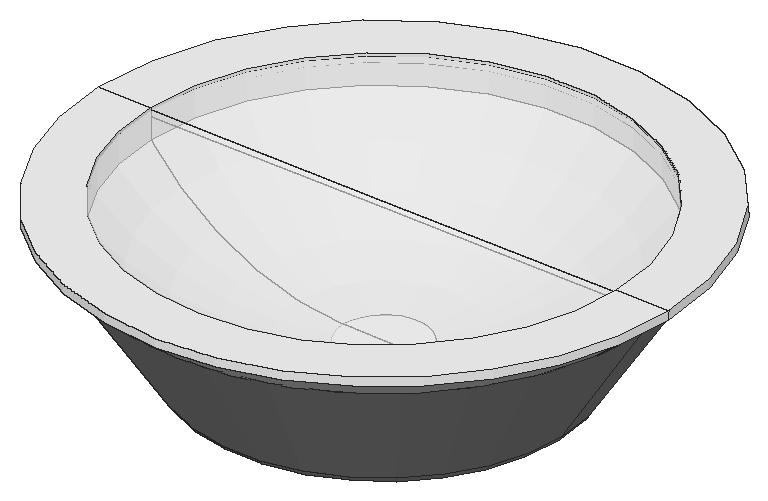
Revit family "0030391", category Lighting Fixtures, host Face, Revit 2016
Family settings
  Host = Face
  Part Type = Normal
  Round Connector Dimension = Use Diameter
  OmniClass Number = 23.80.70.00
  OmniClass Title = Lighting
  Cut with Voids When Loaded = No
  Light Source = Yes
  Shared = No
  Room Calculation Point = No
Parameters (values of type "0030391 Insaver Slim UGR19 IP44 DALI 200 2000lm 840 SSC")
  WidthBezel_SYL = if(Size1_SYL, 20 mm, if(Size2_SYL, 20 mm, if(Size3PIR_SYL, 30 mm, if(Size4_SYL, 20 mm, 20 mm))))  # 20 mm
  Weight = "8.64 kg"
  Wattage Comments = ""
  Wattage = 20 W
  WarrantyStartDate [instance] = "n/a"
  WarrantyGuarantorParts = "n/a"
  WarrantyDurationUnit = "n/a"
  WarrantyDurationParts = "n/a"
  WarrantyDescription = "n/a"
  built-in parameter 1150110 = 1 (stored number, unit not read)
  Voltage = 230 V
  VisibilityPIR_SYL = Size3PIR_SYL  # no
  URL = "http://www.sylvania-lighting.com"
  TypeName = "Insaver Slim UGR19 IP44 DALI 200 2000lm 840 SSC"
  Type Image = <None>
  Type Comments = "n/a"
  built-in parameter 1114217 = 1 (stored number, unit not read)
  Tilt Angle = -90.00°
  built-in parameter 1150109 = 1 (stored number, unit not read)
  built-in parameter 1150134 = 12
  built-in parameter 1150113 = 1 (stored number, unit not read)
  Size4_SYL = yes
  Size3PIR_SYL = no
  Size2_SYL = no
  Size1_SYL = no
  SerialNumber [instance] = "n/a"
  RadiusTop_SYL = 6 mm
  RadiusReflector_SYL = if(Size1_SYL, 85 mm, if(Size2_SYL, 85 mm, if(Size3PIR_SYL, 85 mm, if(Size4_SYL, 100 mm, 120 mm))))  # 100 mm
  Photometric Web File = "0030391.ies"
  Material_3_FEILO = Top-Sylvania-STARTDownlight
  PowerFactor = 0.9
  PowerConsumption = "20 W"
  NominalLength = 220 mm
  NominalHeight = 60 mm
  NominalDepth = 220 mm
  Name = "Insaver Slim UGR19 IP44 DALI 200 2000lm 840 SSC"
  ModelReference = Name  # "Insaver Slim UGR19 IP44 DALI 200 2000lm 840 SSC"
  ModelNumber = "0030391"
  Model = Name  # "Insaver Slim UGR19 IP44 DALI 200 2000lm 840 SSC"
  Material = "aluminium housing, na diffuser"
  ManufacturerName = "Feilo Sylvania"
  Manufacturer = "Feilo Sylvania"
  LuminousEfficacy = "124.7 lm/W"
  built-in parameter 1150105 = 198.47 (stored number, unit not read)
  Lumens = 2494 lm
  LuminaireType = ""
  built-in parameter 1150115 = 1 (stored number, unit not read)
  LightOutputRatio = "n/a"
  built-in parameter 1150137 = (empty or 0)
  built-in parameter 1150139 = (empty or 0)
  LampsType = Lamp  # "LED"
  LampNominalLuminous = "lm"
  LampMacAdamStep = "5"
  LampColourTemperature = "4000 K"
  LampColourRenderingIndex = "80"
  built-in parameter 1150112 = 1 (stored number, unit not read)
  built-in parameter 1150114 = 1 (stored number, unit not read)
  Lamp = "LED"
  Keynote = "16500"
  InstallationDate [instance] = "n/a"
  InputVoltage = "AC 220-240 V"
  InputNominalFrequency = "50/60 Hz"
  built-in parameter 1150132 = (empty or 0)
  built-in parameter 1150102 = (empty or 0)
  built-in parameter 1150107 = 4000 (stored number, unit not read)
  built-in parameter 1150138 = (empty or 0)
  IngressProtection = "IP40/20"
  ImpactProtectionIndex = "IK07"
  built-in parameter 1150106 = 1.9847 (stored number, unit not read)
  IfcExportType = "IfcLightFixtureType"
  IfcExportAs = "IfcLightFixtureType"
  Height_SYL = if(Size1_SYL, 61 mm, if(Size2_SYL, 61 mm, if(Size3PIR_SYL, 61 mm, if(Size4_SYL, 61 mm, 60 mm))))  # 61 mm
  HeightBezel_SYL = if(Size1_SYL, 3 mm, if(Size2_SYL, 3 mm, if(Size3PIR_SYL, 3 mm, if(Size4_SYL, 3.2 mm, 3 mm))))  # 3.2 mm
  ExpectedLife = 50000
  Emit from Circle Diameter = Diameter_SYL - 40 mm  # 180 mm
  Emit Shape Visible in Rendering = no
  ElectricShockClassification = "Class II"
  built-in parameter 1150104 = 11.585 (stored number, unit not read)
  DurationUnit = "hours"
  DocumentationLiterature = "http://www.sylvania-lighting.com/product/en-int/products/0030391"
  DimmingControlOptions = "DALI dimmable"
  Material_2_FEILO = Diffuser-Sylvania-STARTDownlight
  Dimming Lamp Color Temperature Shift = <None>
  Diameter_SYL = if(Size1_SYL, 165 mm, if(Size2_SYL, 190 mm, if(Size3PIR_SYL, 211 mm, if(Size4_SYL, 220 mm, 240 mm))))  # 220 mm
  DiameterTop_SYL = if(Size1_SYL, 98 mm, if(Size2_SYL, 122 mm, if(Size3PIR_SYL, 120 mm, if(Size4_SYL, 135 mm, 158 mm))))  # 135 mm
  DiameterTopBase_SYL = DiameterRecess_SYL  # 200 mm
  DiameterRecess_SYL = if(Size1_SYL, 150 mm, if(Size2_SYL, 170 mm, if(Size3PIR_SYL, 186 mm, if(Size4_SYL, 200 mm, 225 mm))))  # 200 mm
  Description = ""
  Default Elevation = 1219.2 mm
  CreatedOn = "5/28/2019"
  CreatedBy = "@sylvania-lighting.com"
  Cost = 0
  Color Filter = 16777215
  built-in parameter 1114216 [instance] = (empty or 0)
  ClassificationValue = "EF_70_80"
  ClassificationName = "Uniclass2015"
  Material_1_FEILO = Trim-Sylvania-STARTDownlight-White
  BarCode [instance] = "n/a"
  built-in parameter 1114218 = 1 (stored number, unit not read)
  built-in parameter 1150133 = 10 (stored number, unit not read)
  AssetType = "Fixed"
  AssetIdentifier [instance] = "n/a"
  Assembly Code = "D5020200"
  Apparent Load = 20 VA
  Material_4_FEILO = LED-Sylvania-STARTDownlight
Types (2, lengths in mm): name | Wattage | Photometric Web File | PowerConsumption | LuminousEfficacy | built-in parameter 1150105 | Lumens | LampNominalLuminous | built-in parameter 1150106 | built-in parameter 1150104 | Apparent Load
  0030391 Insaver Slim UGR19 IP44 DALI 200 2000lm 840 SSC | 20 W | "0030391.ies" | "20 W" | "124.7 lm/W" | 198.47 (stored number, unit not read) | 2494 lm | "lm" | 1.9847 (stored number, unit not read) | 11.585 (stored number, unit not read) | 20 VA
  0030391 Insaver Slim UGR19 IP44 DALI 200 2000lm 840 SSC Emergency mode | 23 W | "0030391EM.ies" | "23 W" | "18.88 lm/W" | 279.47 (stored number, unit not read) | 434.24 lm | "433 lm" | 2.7947 (stored number, unit not read) | 1.754 (stored number, unit not read) | 23 VA
Reference planes
  plane 1 "Center (Front/Back)": y = 0
  plane 2: z = 0
  plane 3 "Center (Left/Right)": x = 0
  plane 4: x = 110
  plane 5: x = -110
  plane 6: z = 3.2
  plane 7: z = -8
  plane 8: z = -57.8
  plane 9: x = -100
  plane 10: x = 100
  plane 11: x = -67.5
  plane 12: x = 67.5
  plane 13: z = -85
  plane 14: x = -90
  plane 15: z = 2.2
  plane 16: z = -45.8
  plane 17: x = -16
  plane 18: x = -95
  plane 19: x = -81.5
  plane 20: x = -99.5
  plane 21: x = -104
  plane 22: z = 5.7
  plane 23: z = 8.9
  plane 24: x = -103
  plane 25: z = 13.9
Forms (mm)
  Revolve 1, void
    sketch origin (0, 0, 0) x (1, 0, 0) y (0, 0, 1)
      loop
        line (0, 0) -> (-100, 0) -> (-100, -85) -> (0, -85) -> (0, 0)
      axis (0, 0) -> (0, -85)
    angle from 360 to 0
  Revolve 2, solid, material "Trim-Sylvania-STARTDownlight-White" <- "Material_1_FEILO"
    sketch origin (0, 0, 0) x (1, 0, 0) y (0, 0, 1)
      loop
        line (-90, 3.2) -> (-110, 3.2) -> (-110, 0) -> (-100, 0) -> (-100, -8) -> (-69.181, -54.568)
        arc (-69.181, -54.568) -> (-66.971, -56.929) -> (-63.857, -57.8) r 6
        line (-63.857, -57.8) -> (0, -57.8) -> (0, -45.8) -> (-16, -45.8)
        arc (-16, -45.8) -> (-57.112, -34.95) -> (-90, -8) r 100
        line (-90, -8) -> (-90, 3.2)
      axis (0, 3.2) -> (0, -57.8)
    angle from 360 to 0
  Revolve 3, solid, material "Diffuser-Sylvania-STARTDownlight" <- "Material_2_FEILO"
    sketch origin (0, 0, 0) x (1, 0, 0) y (0, 0, 1)
      loop
        line (-90, 0) -> (0, 0) -> (0, 2.2) -> (-90, 2.2) -> (-90, 0)
      axis (0, 2.2) -> (0, 0)
    angle from 360 to 0
  Revolve 4, solid, material "Trim-Sylvania-STARTDownlight-White" <- "Material_1_FEILO", visible <- "VisibilityPIR_SYL"
    sketch origin (0, 0, 0) x (1, 0, 0) y (0, 0, 1)
      loop
        line (-95, 3.2) -> (-95, 13.9)
        arc (-95, 13.9) -> (-99.717, 12.547) -> (-103, 8.9) r 8.9
        line (-103, 8.9) -> (-103, 5.7) -> (-104, 5.7) -> (-104, 3.2) -> (-95, 3.2)
      axis (-95, 13.9) -> (-95, 3.2)
    angle from 360 to 0
Dimensions and locks
  equal spacing: plane 4, plane 3 "Center (Left/Right)", plane 5
  "Diameter_SYL": plane 4 to plane 5
  equal spacing: plane 10, plane 3 "Center (Left/Right)", plane 9
  equal spacing: plane 12, plane 3 "Center (Left/Right)", plane 11
  "DiameterTop_SYL": plane 12 to plane 11
  "HeightBezel_SYL": plane 6 to plane 2
  "Height_SYL": plane 6 to plane 8
  locked: plane 2 to plane 7 at 8
  locked: plane 2 to plane 13 at 85
  "WidthBezel_SYL": plane 14 to plane 5
  locked: plane 6 to plane 15 at 1
  "DiameterRecess_SYL": plane 10 to plane 9
  locked: plane 3 "Center (Left/Right)" to plane 17 at 16
  locked: plane 16 to plane 8 at 12
  locked: plane 18 to plane 21 at 9
  locked: plane 22 to plane 6 at 2.5
  locked: plane 23 to plane 22 at 3.2
  locked: plane 18 to plane 24 at 8
  locked: plane 25 to plane 23 at 5
  locked: plane 25 to Revolve 4 sketch curve at 8.9
  locked: plane 18 to plane 5 at 15
  "RadiusReflector_SYL": radius of Revolve 2 sketch curve
  "RadiusTop_SYL": radius of Revolve 2 sketch curve
  aligned and locked: plane 2 to host face
  aligned and locked: level to host face
  aligned and locked: Revolve 1 sketch curve to plane 3 "Center (Left/Right)"
  aligned and locked: plane 3 "Center (Left/Right)" to Revolve 1 sketch curve
  aligned and locked: Revolve 1 sketch curve to plane 9
  aligned and locked: plane 13 to Revolve 1 sketch curve
  aligned and locked: plane 3 "Center (Left/Right)" to imposter light
  aligned and locked: imposter light to plane 15
  aligned and locked: imposter light to plane 1 "Center (Front/Back)"
  aligned and locked: Revolve 2 sketch curve to plane 3 "Center (Left/Right)"
  aligned and locked: Revolve 2 sketch curve to plane 6
  aligned and locked: Revolve 2 sketch curve to plane 5
  aligned and locked: Revolve 2 sketch curve to level
  aligned and locked: plane 7 to Revolve 2 sketch curve  (x2)
  aligned and locked: Revolve 2 sketch curve to plane 9
  aligned and locked: plane 8 to Revolve 2 sketch curve
  aligned and locked: Revolve 2 sketch curve to plane 14
  aligned and locked: plane 3 "Center (Left/Right)" to Revolve 2 sketch curve
  aligned and locked: Revolve 2 sketch curve to plane 16
  aligned and locked: Revolve 3 sketch curve to plane 3 "Center (Left/Right)"
  aligned and locked: Revolve 3 sketch curve to level
  aligned and locked: imposter light to Revolve 3 sketch curve  (x2)
  aligned and locked: Revolve 4 sketch curve to plane 18  (x2)
  aligned and locked: Revolve 4 sketch curve to plane 6
  aligned and locked: plane 22 to Revolve 4 sketch curve
  aligned and locked: plane 24 to Revolve 4 sketch curve
  aligned and locked: Revolve 4 sketch curve to Revolve 4 sketch curve
  aligned and locked: plane 21 to Revolve 4 sketch curve
Automatic sketch dimensions
  host sketch curve to host sketch curve = 2438.4 mm  (x2)
  plane 13 to Revolve 1 sketch curve = 524.6 mm
  Revolve 1 sketch curve to plane 6 = 2606.058 mm
  Revolve 1 sketch curve to level = 0 mm
  Revolve 2 sketch curve to plane 17 = 0 mm
  Revolve 2 sketch curve to plane 11 = 1.681 mm
  plane 11 to Revolve 2 sketch curve = 3.643 mm
  plane 13 to Revolve 2 sketch curve = 524.6 mm
  Revolve 2 sketch curve to Revolve 2 sketch curve = 2577.983 mm
  Revolve 3 sketch curve to plane 14 = 0 mm
  plane 13 to Revolve 3 sketch curve = 524.6 mm
  Revolve 3 sketch curve to plane 6 = 2606.058 mm
  Revolve 4 sketch curve to plane 23 = 0 mm
  plane 13 to Revolve 4 sketch curve = 524.6 mm
  Revolve 4 sketch curve to Revolve 4 sketch curve = 2595.358 mm
Connectors
  electrical at (0, 0, 0), driven by "Apparent Load", driven by "PowerFactor", driven by "Voltage"
    settings: index 1, voltage 230 V, apparent load 20 VA, apparent load phase1 0 VA, apparent load phase2 0 VA, apparent load phase3 0 VA, power factor 0.9, load classification "Lighting", number of poles 1, system type 30, power factor state 1, is connector primary yes, connector utility no, sub classification motor no, connector description ""
